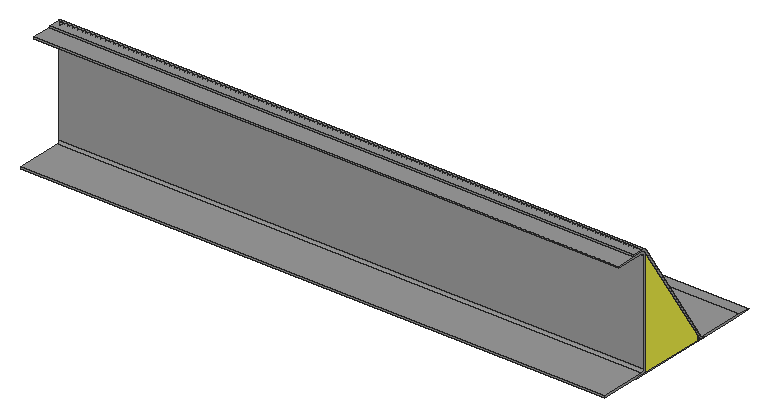
Revit family "CFS K 150 WOL", category Generic Models, Revit 2014
Parameters (values of type "Max lintel length 4800mm")
  URL = "http://www.keystonelintels.co.uk"
  Structural Opening [instance] = 900 mm
  Structural Performance = "The Keystone lintel range has safe working loads as detailed in each applicable loading table in the Keystone Lintel Guide brochure. The structural performance figures within each table have been ascertained by testing in accordance with the requirements of standards BS EN 5977-2: 1983 and BS EN 845-2: 2003."
  RIBA Productor Selector = "available for Keystone Lintels Ltd from Keystone Lintels Ltd from ribaproductselector.com"
  Model = "CFS/K 150 WOL"
  Min Length = 600 mm
  Min Clear Span = 300 mm
  Max Length = 4800 mm
  Max Clear Span = 4800 mm
  Material - Stainless Steel = "Grade 304 2b 1.4307 to BS EN 10088-2. Other grades available on request: contact manufacturer."
  Material - Galvanised Steel = "To BS EN 10346: 2009. DX51D plus Z600 or grade Z275 to BS 5977-2: 1983 (BS EN 845-2: 2003)."
  Manufacturer = "Keystone"
  Manufactured Length [instance] = (roundup(Effective Length / 150 mm) * 150 mm)  # 1200 mm
  Lintel height [instance] = 2100 mm
  Keynote = "F30/755"
  Fire Performance = "Keystone lintels have been subjected to a fire test (WARRES No. 101263) in accordance with BS 476-20: 1987, at Exova Warrington Fire and achieved a one hour fire performance."
  End Bearing = 150 mm
  Effective Length [instance] = Clear Opening with MIN MAX set + End Bearing * 2  # 1200 mm
  Corrosion = "Keystone’s standard range of lintels are manufactured from high quality grade pre-galvanized carbon steel with a zinc coating of 600"
  Contact Tel = "+44 (0)28 8676 2184"
  Contact Email = "info@keystonelintels.co.uk"
  Clear Opening with MIN MAX set [instance] = if(Structural Opening < Min Clear Span, Min Clear Span, (if(Structural Opening > Max Clear Span, Max Clear Span, Structural Opening)))  # 900 mm
  CPD Information = "Available for Keystone Lintels Ltd from ribacpd.com"
Reference planes
  plane 1 "Center (Front/Back)": y = 0
  plane 2: z = 0
  plane 3 "Center (Left/Right)": x = 0
  plane 4: x = -600
  plane 5: x = 600
  plane 6: z = 2100
  plane 7: x = -450
  plane 8: x = 450
Forms (mm)
  Extrusion 1, solid, material "Steel"
    sketch origin (0, 727.791, 1103.755) x (0, 1, 0) y (0, 0, 1)
      loop
        line (-900.969, 996.245) -> (-805.669, 996.245)
        arc (-805.669, 996.245) -> (-800.083, 998.558) -> (-797.769, 1004.145) r 7.9
        line (-797.769, 1004.145) -> (-797.769, 1214.131)
        arc (-797.769, 1214.131) -> (-800.083, 1219.717) -> (-805.669, 1222.031) r 7.9
        line (-805.669, 1222.031) -> (-865.669, 1222.031) -> (-865.669, 1218.831) -> (-805.969, 1218.831)
        arc (-805.969, 1218.831) -> (-802.433, 1217.366) -> (-800.969, 1213.831) r 5
        line (-800.969, 1213.831) -> (-800.969, 1004.445)
        arc (-800.969, 1004.445) -> (-802.433, 1000.909) -> (-805.969, 999.445) r 5
        line (-805.969, 999.445) -> (-900.969, 999.445) -> (-900.969, 996.245)
    from -600 to 600
  Extrusion 2, solid, material "Steel"
    sketch origin (0, 727.791, 1103.755) x (0, 1, 0) y (0, 0, 1)
      loop
        line (-644.306, 995.245) -> (-644.306, 996.245) -> (-661.306, 996.245) -> (-661.306, 1004.245) -> (-662.306, 1004.245) -> (-662.306, 996.245) -> (-819.306, 996.245) -> (-819.306, 995.245) -> (-644.306, 995.245)
    from -600 to 600
  Extrusion 3, solid, material "Insulation"
    sketch origin (0, 727.791, 1103.755) x (0, 1, 0) y (0, 0, 1)
      loop
        line (-805.669, 996.245) -> (-662.306, 996.245) -> (-662.306, 1004.245) -> (-661.306, 1004.245) -> (-661.306, 996.245) -> (-652.956, 996.245)
        arc (-652.956, 996.245) -> (-655.373, 996.867) -> (-657.188, 998.581) r 5
        line (-657.188, 998.581) -> (-798.394, 1219.694)
        arc (-798.394, 1219.694) -> (-800.209, 1221.408) -> (-802.625, 1222.031) r 5
        line (-802.625, 1222.031) -> (-805.669, 1222.031)
        arc (-805.669, 1222.031) -> (-800.083, 1219.717) -> (-797.769, 1214.131) r 7.9
        line (-797.769, 1214.131) -> (-797.769, 1004.145)
        arc (-797.769, 1004.145) -> (-800.083, 998.558) -> (-805.669, 996.245) r 7.9
    from -600 to 600
  Extrusion 4, solid, material "Steel"
    sketch origin (0, 727.791, -496.245) x (0, 1, 0) y (0, 0, 1)
      loop
        line (-533.12, 2595.339) -> (-533.003, 2598.537) -> (-558.072, 2599.447) -> (-652.963, 2599.438)
        arc (-652.963, 2599.438) -> (-653.835, 2599.663) -> (-654.489, 2600.282) r 1.8
        line (-654.489, 2600.282) -> (-795.699, 2821.406)
        arc (-795.699, 2821.406) -> (-798.676, 2824.216) -> (-802.639, 2825.238) r 8.2
        line (-802.639, 2825.238) -> (-825.639, 2825.238) -> (-825.639, 2822.031) -> (-802.625, 2822.031)
        arc (-802.625, 2822.031) -> (-800.209, 2821.408) -> (-798.394, 2819.694) r 5
        line (-798.394, 2819.694) -> (-657.188, 2598.581)
        arc (-657.188, 2598.581) -> (-655.373, 2596.867) -> (-652.956, 2596.245) r 5
        line (-652.956, 2596.245) -> (-558.062, 2596.245) -> (-533.12, 2595.339)
    from -600 to 600
  Extrusion 5, solid, not visible
    sketch origin (0, 907.077, 1162.984) x (0, 1, 0) y (0, 0, 1)
      loop
        line (-533.12, 995.339) -> (-533.003, 998.537) -> (-558.072, 999.447) -> (-652.963, 999.438)
        arc (-652.963, 999.438) -> (-653.835, 999.663) -> (-654.489, 1000.282) r 1.8
        line (-654.489, 1000.282) -> (-795.699, 1221.406)
        arc (-795.699, 1221.406) -> (-798.676, 1224.216) -> (-802.639, 1225.238) r 8.2
        line (-802.639, 1225.238) -> (-825.639, 1225.238) -> (-825.639, 1222.031) -> (-802.625, 1222.031)
        arc (-802.625, 1222.031) -> (-800.209, 1221.408) -> (-798.394, 1219.694) r 5
        line (-798.394, 1219.694) -> (-657.188, 998.581)
        arc (-657.188, 998.581) -> (-655.373, 996.867) -> (-652.956, 996.245) r 5
        line (-652.956, 996.245) -> (-558.062, 996.245) -> (-533.12, 995.339)
    from 0 to 250
Dimensions and locks
  equal spacing: plane 4, plane 3 "Center (Left/Right)", plane 5
  "Manufactured Length": plane 4 to plane 5
  "Lintel height": plane 6 to level
  "Structural Opening": plane 7 to plane 8
  equal spacing: plane 7, plane 3 "Center (Left/Right)", plane 8
  aligned and locked: level to plane 2
  aligned and locked: Extrusion 4 to plane 6
  aligned and locked: Extrusion 3 to plane 6
  aligned and locked: Extrusion 1 to plane 6
  aligned and locked: plane 6 to Extrusion 2
  aligned and locked: plane 5 to Extrusion 4
  aligned and locked: Extrusion 4 to plane 4
  aligned and locked: plane 5 to Extrusion 3
  aligned and locked: Extrusion 3 to plane 4
  aligned and locked: plane 5 to Extrusion 2
  aligned and locked: Extrusion 2 to plane 4
  aligned and locked: plane 5 to Extrusion 1
  aligned and locked: Extrusion 1 to plane 4
Automatic sketch dimensions
  Extrusion 1 sketch curve to Extrusion 1 sketch curve = 95.3 mm
  Extrusion 1 sketch curve to Extrusion 1 sketch curve = 3.2 mm
  Extrusion 1 sketch curve to Extrusion 1 sketch curve = 0.3 mm  (x4)
  plane 1 "Center (Front/Back)" to Extrusion 1 sketch curve = 173.178 mm
  level to Extrusion 1 sketch curve = 2100 mm
  Extrusion 1 sketch curve to Extrusion 1 sketch curve = 5 mm
  Extrusion 1 sketch curve to Extrusion 1 sketch curve = 209.686 mm
  Extrusion 1 sketch curve to Extrusion 1 sketch curve = 4.7 mm
  Extrusion 1 sketch curve to Extrusion 1 sketch curve = 59.7 mm
  Extrusion 2 sketch curve to plane 1 "Center (Front/Back)" = 66.485 mm
  Extrusion 2 sketch curve to Extrusion 2 sketch curve = 17 mm
  level to Extrusion 2 sketch curve = 2099 mm
  Extrusion 2 sketch curve to Extrusion 2 sketch curve = 1 mm  (x2)
  Extrusion 2 sketch curve to Extrusion 2 sketch curve = 158 mm
  Extrusion 2 sketch curve to Extrusion 2 sketch curve = 8 mm
  Extrusion 2 sketch curve to Extrusion 2 sketch curve = 0 mm
  Extrusion 3 sketch curve to plane 1 "Center (Front/Back)" = 65.485 mm
  level to Extrusion 3 sketch curve = 2100 mm
  Extrusion 3 sketch curve to Extrusion 3 sketch curve = 143.363 mm
  Extrusion 3 sketch curve to Extrusion 3 sketch curve = 8 mm
  Extrusion 3 sketch curve to Extrusion 3 sketch curve = 9.349 mm
  Extrusion 3 sketch curve to Extrusion 3 sketch curve = 3 mm
  Extrusion 3 sketch curve to Extrusion 3 sketch curve = 1 mm
  Extrusion 3 sketch curve to Extrusion 3 sketch curve = 4.118 mm
  Extrusion 3 sketch curve to Extrusion 3 sketch curve = 0 mm  (x4)
  Extrusion 3 sketch curve to Extrusion 3 sketch curve = 5 mm
  Extrusion 3 sketch curve to Extrusion 3 sketch curve = 223.45 mm
  Extrusion 3 sketch curve to Extrusion 3 sketch curve = 7.9 mm  (x3)
  Extrusion 3 sketch curve to Extrusion 3 sketch curve = 5.564 mm
  Extrusion 3 sketch curve to Extrusion 3 sketch curve = 3.044 mm
  Extrusion 3 sketch curve to Extrusion 3 sketch curve = 2.9 mm
  Extrusion 3 sketch curve to Extrusion 3 sketch curve = 4.231 mm
  Extrusion 4 sketch curve to Extrusion 4 sketch curve = 24.942 mm
  Extrusion 4 sketch curve to Extrusion 4 sketch curve = 0.116 mm
  Extrusion 4 sketch curve to Extrusion 4 sketch curve = 0.906 mm
  Extrusion 4 sketch curve to Extrusion 4 sketch curve = 0.011 mm
  Extrusion 4 sketch curve to Extrusion 4 sketch curve = 94.895 mm
  Extrusion 4 sketch curve to Extrusion 4 sketch curve = 0.007 mm  (x4)
  Extrusion 4 sketch curve to Extrusion 4 sketch curve = 3.193 mm
  Extrusion 4 sketch curve to Extrusion 4 sketch curve = 1.807 mm
  Extrusion 4 sketch curve to Extrusion 4 sketch curve = 4.224 mm
  Extrusion 4 sketch curve to Extrusion 4 sketch curve = 141.206 mm
  Extrusion 4 sketch curve to Extrusion 4 sketch curve = 221.113 mm
  Extrusion 4 sketch curve to Extrusion 4 sketch curve = 1.526 mm
  Extrusion 4 sketch curve to Extrusion 4 sketch curve = 2.694 mm
  Extrusion 4 sketch curve to Extrusion 4 sketch curve = 1.712 mm
  Extrusion 4 sketch curve to Extrusion 4 sketch curve = 4.231 mm
  Extrusion 4 sketch curve to Extrusion 4 sketch curve = 2.664 mm
  Extrusion 4 sketch curve to Extrusion 4 sketch curve = 23.014 mm
  Extrusion 4 sketch curve to Extrusion 4 sketch curve = 0.014 mm
  Extrusion 5 sketch curve to Extrusion 5 sketch curve = 24.942 mm
  Extrusion 5 sketch curve to Extrusion 5 sketch curve = 0.116 mm
  Extrusion 5 sketch curve to Extrusion 5 sketch curve = 0.906 mm
  Extrusion 5 sketch curve to Extrusion 5 sketch curve = 0.011 mm
  Extrusion 5 sketch curve to Extrusion 5 sketch curve = 94.895 mm
  Extrusion 5 sketch curve to Extrusion 5 sketch curve = 0.007 mm  (x4)
  Extrusion 5 sketch curve to Extrusion 5 sketch curve = 3.193 mm
  Extrusion 5 sketch curve to Extrusion 5 sketch curve = 1.807 mm
  Extrusion 5 sketch curve to Extrusion 5 sketch curve = 4.224 mm
  Extrusion 5 sketch curve to Extrusion 5 sketch curve = 141.206 mm
  Extrusion 5 sketch curve to Extrusion 5 sketch curve = 221.113 mm
  Extrusion 5 sketch curve to Extrusion 5 sketch curve = 1.526 mm
  Extrusion 5 sketch curve to Extrusion 5 sketch curve = 2.694 mm
  Extrusion 5 sketch curve to Extrusion 5 sketch curve = 1.712 mm
  Extrusion 5 sketch curve to Extrusion 5 sketch curve = 4.231 mm
  Extrusion 5 sketch curve to Extrusion 5 sketch curve = 2.664 mm
  Extrusion 5 sketch curve to Extrusion 5 sketch curve = 23.014 mm
  Extrusion 5 sketch curve to Extrusion 5 sketch curve = 0.014 mm
  Extrusion 4 sketch curve to plane 6 = 0 mm
  plane 1 "Center (Front/Back)" to Extrusion 4 sketch curve = 97.848 mm
